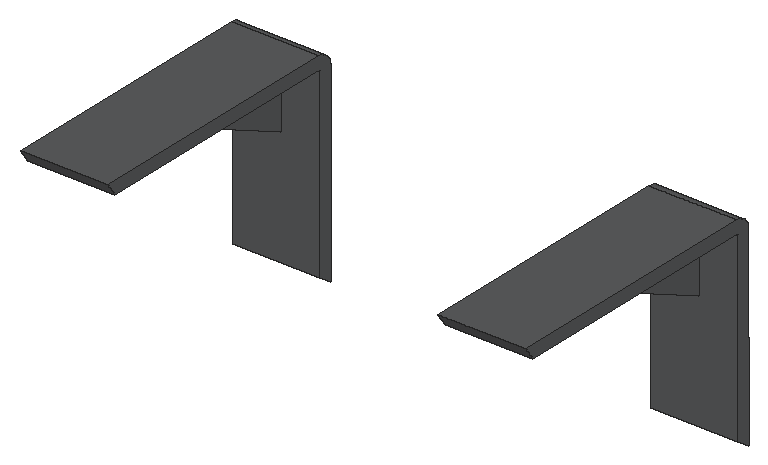
Revit family "Countertop-Supports_Centerline-Brackets_Front-Mounting-Plus-Bracket", category Casework, Revit 2022
Family settings
  OmniClass Number = 23.40.35.11
  OmniClass Title = Casework Components
  Work Plane-Based = No
  Always vertical = Yes
  Cut with Voids When Loaded = No
  Shared = No
  Room Calculation Point = No
Parameters (values of type "Load Type Catalog!")
  Width [instance] = Span  # 14 1/2"
  URL = "https://www.countertopbracket.com"
  Span [instance] = if(Number of Brackets = 1, 2 1/2", (Bracket Spacing * (Number of Brackets - 1)) + 2 1/2")  # 14 1/2"
  Spacing [instance] = "Recommended placement on every stud."  # constant formula
  Product data url = "https://www.bimobject.com/centerline_brackets/product/front-mounting-plus-bracket"
  Product Material = Centerline Brackets - Steel - Powder Coated - Black (B)
  Placement Height [instance] = 36"
  No of Brackets Control [instance] = if(Number of Brackets < 2, 2, Number of Brackets)  # 2
  Number of Brackets [instance] = 2
  Model = "Front Mounting Plus Bracket"
  Manufacturer = "Centerline Brackets"  # constant formula
  Length = 8"
  Keynote = "12000"
  Height = 6"
  Finish Note = "When choosing an alternative finish, please remember to update the model number to reflect the chosen finish."  # constant formula
  Finish = "Available Powder Coat Finishes; White (W), Black (B), Bronze Bead Blasted Metallic (BB), Soft Silver (SS), Silver Vein Bonded (SV)"  # constant formula
  Description = "Front Mounting Plus Bracket"
  Depth = 2 1/2"  # constant formula
  Default Elevation = 0"
  Control [instance] = if(Number of Brackets < 2, 0", Bracket Spacing)  # 12"
  Bracket Spacing [instance] = 12"
  Assembly Code = "E2010200"
Reference planes (in)
  plane 1 "Center (Front/Back)": y = 0
  plane 2: z = 0
  plane 3 "Center (Left/Right)": x = 0
  plane 4: z = 36
  plane 5: z = 30
  plane 6: y = -8
  plane 7: x = 0
  plane 8: x = 14.5
  plane 9: x = 12
Dimensions and locks (in)
  "Placement Height": plane 4 to plane 2
  "Height": plane 4 to plane 5
  "Length": plane 1 "Center (Front/Back)" to plane 6
  "Control": plane 7 to plane 9
  "Span": plane 7 to plane 8
  group 1 to group 2 = 12"
  group 1 to group 2 = 0"  (x2)
  aligned and locked: plane 2 to level
  aligned and locked: plane 4 to nested 1  (x2)
  aligned and locked: plane 7 to plane 3 "Center (Left/Right)"
  aligned and locked: nested 1 to plane 7
  aligned and locked: plane 1 "Center (Front/Back)" to nested 1
  aligned and locked: nested 2 to plane 9
  aligned and locked: plane 1 "Center (Front/Back)" to nested 2
  aligned and locked: plane 4 to nested 2  (x2)
  aligned and locked: plane 7 to nested 1
  aligned and locked: plane 9 to nested 2
Nested families (in)
  nested 1: "FrontMountingPlus" at (1.25, 0, 30), type "Geometry"
  nested 2: "FrontMountingPlus" at (13.25, 0, 30), type "Geometry"
Definition of nested family "FrontMountingPlus"
  Parameters (values of type "FrontMountingPlus")
    URL = ""
    Product Material = none
    Manufacturer = ""
    Length = 8"
    Height = 6"
    Default Elevation = 0"
    A = if(Length = 8", 3.62", if(or(Length = 10", Length = 12"), 5.63", if(Length = 18", 7.36", if(or(Length = 22", Length = 24"), 3 3/4", 7.62"))))  # 3.62"
  Types (2): name | Length | Height | A
    FrontMountingPlus | 8" | 6" | 3.62"
    Geometry | 6" | 8" | 7.62"
  Reference planes (in)
    plane 1 "Center (Front/Back)": y = 0
    plane 2: z = 0
    plane 3 "Center (Left/Right)": x = 0
    plane 4: y = -8
    plane 5: z = 6
    plane 6: x = -0.5
    plane 7: x = 0.5
    plane 8: z = 0.81
    plane 9: z = 2.81
    plane 10: z = 4.81
    plane 11: x = -1.25
    plane 12: x = 1.25
  Forms (in)
    Extrusion 1, solid, material <- "Product Material"
      sketch origin (0, 0, 0) x (0, 1, 0) y (0, 0, 1)
        loop
          arc (-0.43965, 5.625) -> (-0.39394, 5.60606) -> (-0.375, 5.56035) r 0.06465
          line (-0.375, 5.56035) -> (-0.375, 0.26258) -> (0, 0) -> (0, 5.57205)
          arc (0, 5.57205) -> (-0.12534, 5.87466) -> (-0.42795, 6) r 0.42795
          line (-0.42795, 6) -> (-8, 6) -> (-7.73742, 5.625) -> (-0.43965, 5.625)
      from -1.25 to 1.25
    Extrusion 2, solid, material <- "Product Material"
      sketch origin (0, 0, 0) x (0, 1, 0) y (0, 0, 1)
        loop
          line (-0.375, 3.625) -> (-0.375, 4.875) -> (-1.125, 5.625) -> (-4.38, 5.625) -> (-4.38, 5.5) -> (-0.375, 3.625)
      from 0.125 to -0.125
  Lines and regions (in)
    Masking region 1
      outline origin (0, 0, 0) x (1, 0, 0) y (0, 1, 0)
        loop
          line (-1.25, 0) -> (-1.25, -8) -> (1.25, -8) -> (1.25, 0) -> (-1.25, 0)
    model lines, detail levels medium+fine
      curve 1: circle (0, -0.375, 0.81) r 0.255 normal (0, -1, 0)
      curve 2: circle (0, -0.375, 2.81) r 0.255 normal (0, -1, 0)
      curve 3: circle (-0.5, -0.375, 4.81) r 0.255 normal (0, -1, 0)
      curve 4: circle (0.5, -0.375, 4.81) r 0.255 normal (0, -1, 0)
  Dimensions and locks (in)
    "Length": plane 1 "Center (Front/Back)" to plane 4
    plane 1 "Center (Front/Back)" to Extrusion 1 sketch curve = 3/8"
    "Height": plane 5 to plane 2
    locked: plane 5 to Extrusion 1 sketch curve at 0.375
    locked: plane 5 to Extrusion 2 sketch curve at 0.375
    locked: plane 5 to Extrusion 2 sketch curve at 2.375
    plane 1 "Center (Front/Back)" to Extrusion 2 sketch curve to Extrusion 2 sketch curve = 3/8" locked, 3/4" locked
    "A": Extrusion 2 sketch curve to plane 4
    locked: plane 5 to Extrusion 2 sketch curve at 0.5
    equal spacing: plane 7, plane 3 "Center (Left/Right)", plane 6
    locked: plane 6 to plane 7 at 1
    locked: plane 8 to level at 0.81
    equal spacing: plane 10, plane 9, plane 8
    locked: plane 5 to plane 10 at 1.19
    locked: plane 2 to Extrusion 1 sketch curve (angle 35.00°)
    locked: Extrusion 1 sketch curve to plane 4 (angle 35.00°)
    aligned and locked: plane 2 to level
    aligned and locked: plane 4 to Extrusion 1 sketch curve
    aligned and locked: plane 5 to Extrusion 1 sketch curve
    aligned and locked: plane 1 "Center (Front/Back)" to Masking region 1 sketch curve
    aligned and locked: plane 4 to Masking region 1 sketch curve
    aligned and locked: plane 6 to curve 3
    aligned and locked: plane 7 to curve 4
    aligned and locked: plane 3 "Center (Left/Right)" to curve 1
    aligned and locked: plane 3 "Center (Left/Right)" to curve 2
    aligned and locked: plane 8 to curve 1
    aligned and locked: plane 9 to curve 2
    aligned and locked: plane 10 to curve 4
    aligned and locked: plane 10 to curve 3
  Automatic sketch dimensions
    Extrusion 1 sketch curve to plane 1 "Center (Front/Back)" = 0"
    Extrusion 1 sketch curve to level = 0"
    Extrusion 1 sketch curve to Extrusion 1 sketch curve = 0.06465"
    Extrusion 1 sketch curve to Extrusion 1 sketch curve = 0.0117"
    Masking region 1 sketch curve to plane 3 "Center (Left/Right)" = 1 1/4"
    plane 3 "Center (Left/Right)" to Masking region 1 sketch curve = 1 1/4"
    plane 10 to Extrusion 2 sketch curve = 0.065"
    radius of curve 1 = 0.255"
    radius of curve 2 = 0.255"
    radius of curve 3 = 0.255"
    radius of curve 4 = 0.255"
